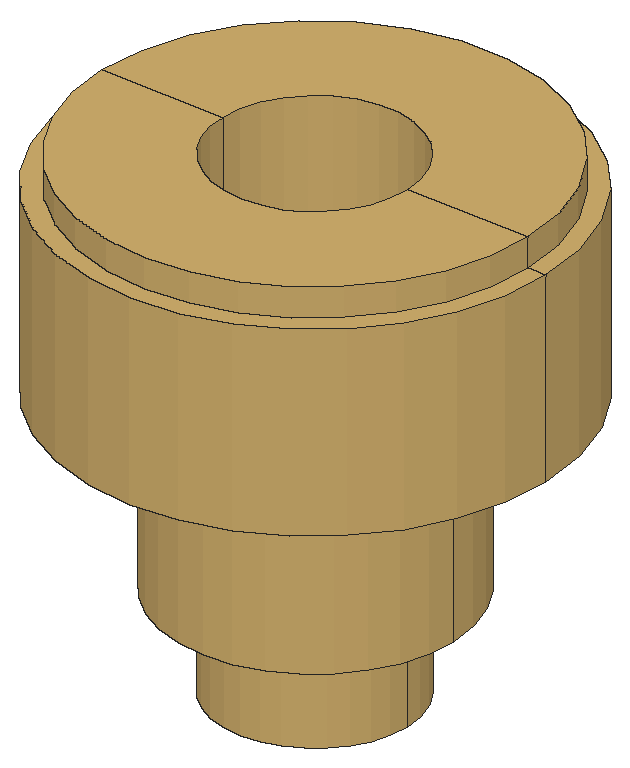
Revit family "check valve 2621 00 (01)", category Rohrzubehör, Revit 2018
Family settings
  Bemaßung runder Anschluss = Durchmesser verwenden
  Teiletyp = Normal
  OmniClass-Nummer = 23.65.55.14
  OmniClass-Titel = Valves for Liquid Services
  Arbeitsebenenbasiert = Nein
  Immer vertikal = Ja
  Beim Laden mit Abzugskörper schneiden = Nein
  Gemeinsam genutzt = Nein
Parameters
  max. Operating temperature = 110 °C  # constant formula
  max. Operating pressure = 1000000.0 Pa  # constant formula
  SCTWSEQ = "FW;SBT_TYP_FW=\"108\";2"
  SCTWCODE = "04;14;02"  # constant formula
  SCRNSEQ = "AWI;AWI_TYP=\"1007\";2"
  SCRNCODE = "05;17;02"  # constant formula
  Part number [instance] = if(Nennweite AG = 10.000 mm, 1262100, if(Nennweite AG = 15.000 mm, 1262101, 0))  # 1262101
  Nennweite IG = 10.000 mm  # constant formula
  URL = "www.herzvalves.com"
  Nennweite AG [instance] = 15.000 mm
  Medium = "water purity in accordance with the ÖNORM H 5195 and VDI 2035 standards"
  Hersteller = "Herz-Armaturen GmbH"  # constant formula
  H04 [instance] = if(Nennweite AG = 10.000 mm, 4.500 mm, if(Nennweite AG = 15.000 mm, 5.000 mm, 0.000 mm))  # 5.000 mm
  H03 = 9.500 mm  # constant formula
  H02 [instance] = if(Nennweite AG = 10.000 mm, 14.000 mm, if(Nennweite AG = 15.000 mm, 10.000 mm, 0.000 mm))  # 10.000 mm
  H01 = 9.500 mm  # constant formula
  H00 [instance] = if(Nennweite AG = 10.000 mm, 29.500 mm, if(Nennweite AG = 15.000 mm, 26.000 mm, 0.000 mm))  # 26.000 mm
  G2 [instance] = Nennweite IG / 2  # 5.000 mm
  G1 [instance] = Nennweite AG / 2  # 7.500 mm
  D03 [instance] = if(Nennweite AG = 10.000 mm, 3.500 mm, if(Nennweite AG = 15.000 mm, 5.000 mm, 0.000 mm))  # 5.000 mm
  D02 [instance] = if(Nennweite AG = 10.000 mm, 11.000 mm, if(Nennweite AG = 15.000 mm, 12.500 mm, 0.000 mm))  # 12.500 mm
  D01 [instance] = if(Nennweite AG = 10.000 mm, 10.000 mm, if(Nennweite AG = 15.000 mm, 11.500 mm, 0.000 mm))  # 11.500 mm
Reference planes
  plane 1 "Mitte (Vorne/hinten)": y = 0
  plane 2: z = 0
  plane 3 "Mitte (Links/rechts)": x = 0
Forms (mm)
  Revolve 1, solid, material "Messing", detail levels fine
    sketch origin (0, 0, 0) x (1, 0, 0) y (0, 0, 1)
      loop
        line (-11.5, 21) -> (-11.5, 19.5) -> (-12.5, 19.5) -> (-12.5, 9.5) -> (-7.5, 9.5) -> (-7.5, 0) -> (-5, 0) -> (-5, -5) -> (0, -5) -> (0, 11.5) -> (-5, 11.5) -> (-5, 21) -> (-11.5, 21)
      axis (0, 21) -> (0, -5)
    angle from 0 to 360
Lines and regions (mm)
  model lines, detail levels coarse+medium
    curve 1: line (-12.5, 0, 21) -> (12.5, 0, 21)
    curve 2: line (12.5, 0, 21) -> (-12.5, 0, -5)
    curve 3: line (-12.5, 0, -5) -> (12.5, 0, -5)
    curve 4: circle (-12.5, 0, -4.998) r 5 normal (0, -1, 0)
    curve 5: line (0, -12.5, 21) -> (0, 12.5, 21)
    curve 6: line (0, 12.5, 21) -> (0, -12.5, -5)
    curve 7: line (0, -12.5, -5) -> (0, 12.5, -5)
    curve 8: circle (0, -12.5, -5) r 5 normal (1, 0, 0)
Dimensions and locks
  "H02": Revolve 1 sketch curve to Revolve 1 sketch curve
  "D01": Revolve 1 sketch curve to Revolve 1 sketch curve
  "G1": Revolve 1 sketch curve to Revolve 1 sketch curve
  "H01": Revolve 1 sketch curve to Revolve 1 sketch curve
  "D02": Revolve 1 sketch curve to Revolve 1 sketch curve
  "G2": Revolve 1 sketch curve to Revolve 1 sketch curve
  "H03": Revolve 1 sketch curve to Revolve 1 sketch curve
  "H04": Revolve 1 sketch curve to Revolve 1 sketch curve
  "H00": Revolve 1 sketch curve to Revolve 1 sketch curve
  "D03": Revolve 1 sketch curve to Revolve 1 sketch curve
  "H00": curve 1 to curve 3
  "H04": plane 2 to curve 3
  "D02": curve 2 to plane 3 "Mitte (Links/rechts)" to curve 1
  "D02": curve 3 to plane 3 "Mitte (Links/rechts)" to curve 3
  "H00": curve 7 to curve 5
  "H04": plane 2 to curve 7
  "D02": curve 5 to plane 1 "Mitte (Vorne/hinten)" to curve 6
  "D02": curve 7 to plane 1 "Mitte (Vorne/hinten)" to curve 7
  aligned and locked: level to plane 2
Automatic sketch dimensions
  curve 8 to curve 6 = 0.000 mm  (x2)
  curve 4 to curve 2 = 0.000 mm
  curve 2 to curve 4 = 0.002 mm
  Revolve 1 sketch curve to level = 0.000 mm
  Revolve 1 sketch curve to plane 3 "Mitte (Links/rechts)" = 0.000 mm  (x2)
  Revolve 1 sketch curve to Revolve 1 sketch curve = 1992.000 mm
  Revolve 1 sketch curve to Revolve 1 sketch curve = 1979.000 mm
  radius of curve 8 = 5.000 mm
  radius of curve 4 = 5.000 mm
Connectors
  piping at (0, 0, 0), diameter 15, driven by "Nennweite AG"
    settings: on Revolve 1, index 1, connector inside diameter 609.6 mm, connector length 0.000 mm, flow factor 0, pipe flow 0.0 L/s, pressure drop 0.0 Pa, fitting loss kfactor 0, connector angle 0.00°, fixture units 0, engagement length 0.000 mm, angle of deflection 0.00°, flow configuration 0, flow direction 0, fitting loss method 0, system type 7, joint type 0, gender type 0, connector reference index -1, connector utility 0, adjustable connector no, is connector primary yes, connector description ""
  piping at (0, 0, 11.5), diameter 10, driven by "Nennweite IG"
    settings: on Revolve 1, index 2, connector inside diameter 609.6 mm, connector length 0.000 mm, flow factor 0, pipe flow 0.0 L/s, pressure drop 0.0 Pa, fitting loss kfactor 0, connector angle 0.00°, fixture units 0, engagement length 0.000 mm, angle of deflection 0.00°, flow configuration 0, flow direction 2, fitting loss method 0, system type 29, joint type 0, gender type 0, connector reference index -1, connector utility 0, adjustable connector no, is connector primary no, connector description ""
